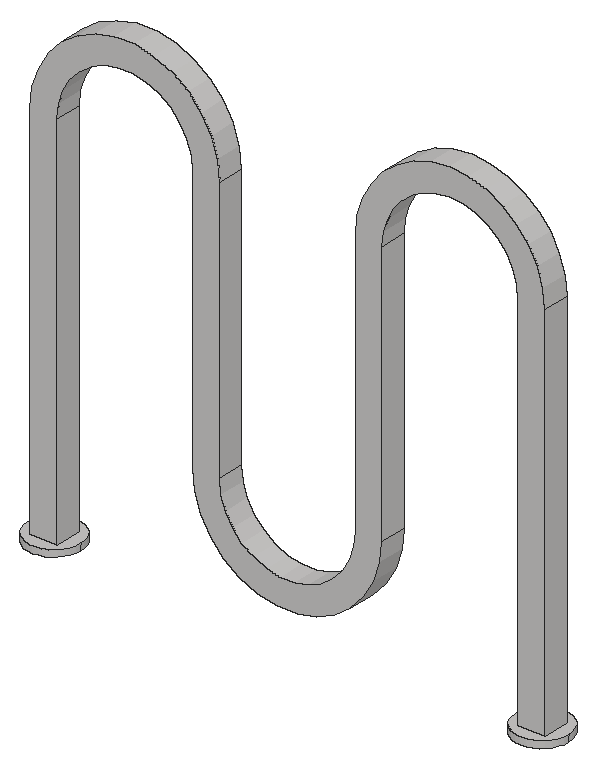
Revit family "Bicycle-Racks_BR-Square_Huntco_BRS5", category Site, host Face, Revit 2026
Family settings
  Host = Face
  Round Connector Dimension = Use Diameter
  Part Type = Normal
  Cut with Voids When Loaded = No
  Shared = No
Parameters
  holediameter = if(Flange Mounted, 0' 0 1/2", if(Freestanding, 0' 0 1/32", 0' 6"))  # 0' - 0 1/2"
  holedepth = if(Flange Mounted, 0' 4", if(Freestanding, 0' 0 1/32", 1' 0"))  # 0' - 4"
  flangevisible = not(Embedded Mounted)  # yes
  flangeheight = if(Exposed Flange, 0' 0 1/2", 0' 1 1/4")  # 0' - 0 1/2"
  extralength = if(or(Freestanding, Flange Mounted), 0' 0", 0' 11")  # 0' - 0"
  Warranty Duration (Years) = 0
  Unit Width = 3' - 2 97/256"
  Unit Weight = 0
  Unit Height = 3' - 0"
  URL = "http://www.huntco.com/"
  Test Data = ""
  Specification = "http://www.arcat.com/sdspecs/htm/02871hco.htm"
  SpecWizard = ""
  Send Message = "http://www.arcat.com/users.pl?action=UserEmail&company=Huntco+Supply+LLC&coid=39482&rep=133&fax=503-274-2055&mf="
  Sales Information = ""
  Revision = "R1_11_2012"
  Product Properties = ""
  Product Data = "http://www.arcat.com/arcatcos/cos39/arc39482.html"
  Pipe Diameter = 0' - 2"
  Model = "As Specified"
  Material Finish = Metal - Steel - Huntco - Stainless
  Manufacturer Website = "http://www.huntco.com/"
  Manufacturer Phone - Toll Free = "800-547-5909"
  Manufacturer Phone = "503-224-8700"
  Manufacturer Fax = "503-274-2055"
  Manufacturer Address = "Huntco Supply LLC P. O. Box 10385 Portland, OR 97296"
  Manufacturer = "Huntco Supply LLC"
  Maintenance Schedule (Months) = 0
  Keynote = "02871"
  Installation-Fabrication = ""
  Installation Phase = ""
  Green Building-LEED = "http://www.arcat.com/green/clients/leed_data_39482.html"
  Freestanding = no
  Embedded Mounted = not(or(Flange Mounted, Freestanding))  # no
  Flange Mounted = yes
  Exposed Flange = yes
  Expected Lifespan (Years) = 0
  Drawn By = "Sumex Design, Inc. / Robert S. Weygant, CSI, CDT, SCIP"
  Description = "Huntco Product as Specified"
  Default Elevation = 4' - 0"
  Covered Flange = not(Exposed Flange)  # no
  Copyright = "©Arcat Inc."
  Construction Details = "http://www.arcat.com/details/huntcosu/huntcosu.html?coid=39482"
  Capacity = "Bike Capacity as Specified"
  Building Codes = ""
  Assembly Code = "G2040500"
Reference planes (in)
  plane 1 "Center (Front/Back)": y = 0
  plane 2: z = 0
  plane 3 "Center (Left/Right)": x = 0
  plane 4: y = 1
  plane 5: y = -1
  plane 6: x = -19.18945
  plane 7: x = 19.18945
  plane 8: z = 36
  plane 9: x = -18.18945
  plane 10: x = 18.18945
  plane 11: z = 0.5
  plane 12: z = 0
  plane 13: z = -4
Forms (in)
  Extrusion 1, solid, material "Metal - Steel - Huntco - Stainless" <- "Material Finish", visible <- "flangevisible"
    sketch origin (0, 0, 0) x (1, 0, 0) y (0, 1, 0)
      loop
        circle (-18.18945, 0) r 2
      loop
        circle (18.18945, 0) r 2
    from 0 to 0.5
  Sweep 2, solid, material "Metal - Steel - Huntco - Stainless" <- "Material Finish"
    path origin (0, 0, 0) x (1, 0, 0) y (0, 0, 1)
      loop
        line (-18.18945, 0) -> (-18.18945, 28.93685)
        arc (-18.18945, 28.93685) -> (-12.1263, 35) -> (-6.06315, 28.93685) r 6.06315
        line (-6.06315, 28.93685) -> (-6.06315, 9.19336)
        arc (-6.06315, 9.19336) -> (0, 3.13021) -> (6.06315, 9.19336) r 6.06315
        line (6.06315, 9.19336) -> (6.06315, 28.93685)
        arc (6.06315, 28.93685) -> (12.1263, 35) -> (18.18945, 28.93685) r 6.06315
        line (18.18945, 28.93685) -> (18.18945, 0)
    profile origin (-18.18945, 0, 14.46842) x (-1, 0, 0) y (0, -1, 0)
      loop
        line (1, -1) -> (1, 1) -> (-1, 1) -> (-1, -1) -> (1, -1)
  Extrusion 3, void
    sketch origin (0, 0, 0) x (1, 0, 0) y (0, 1, 0)
      loop
        circle (-18.18945, 0) r 0.25
      loop
        circle (18.18945, 0) r 0.25
    from -4 to 1.25279
Dimensions and locks (in)
  "Unit Height": plane 8 to level
  equal spacing: plane 4, plane 1 "Center (Front/Back)", plane 5
  "Pipe Diameter": plane 4 to plane 5
  equal spacing: plane 7, plane 3 "Center (Left/Right)", plane 6
  "Unit Width": plane 7 to plane 6
  locked: plane 9 to plane 6 at 1
  locked: plane 7 to plane 10 at 1
  equal spacing: plane 10, Sweep 2 sketch curve, Sweep 2 sketch curve, plane 9
  locked: plane 6 to Extrusion 1 sketch curve at 1
  locked: Extrusion 1 sketch curve to plane 7 at 1
  locked: plane 8 to Sweep 2 sketch curve at 1  (x2)
  "flangeheight": plane 11 to host face
  "extralength": host face to plane 12
  "holedepth": host face to plane 13
  locked: Sweep 2 sketch curve to host face at 9.19336
  locked: plane 6 to Extrusion 3 sketch curve at 1
  locked: Extrusion 3 sketch curve to plane 7 at 1
  "holediameter": Extrusion 3 sketch curve to Extrusion 3 sketch curve  (x2)
  aligned and locked: plane 2 to host face
  aligned and locked: level to host face
  aligned and locked: plane 9 to Sweep 2 sketch curve
  aligned and locked: Sweep 2 sketch curve to plane 10
  aligned and locked: plane 12 to Sweep 2 sketch curve  (x2)
  aligned and locked: Extrusion 3 to plane 13
  aligned and locked: plane 11 to Extrusion 1
Automatic sketch dimensions
  host sketch curve to host sketch curve = 8' - 0"  (x2)
  Extrusion 1 sketch curve to plane 1 "Center (Front/Back)" = 0' - 0"  (x2)
  profile plane to Sweep 2 sketch curve = 0' - 1"
  Sweep 2 sketch curve to Sweep 2 sketch curve = 0' - 2"  (x2)
  Sweep 2 sketch curve to plane 1 "Center (Front/Back)" = 0' - 1"
  Extrusion 3 sketch curve to plane 1 "Center (Front/Back)" = 0' - 0"  (x2)
  radius of Extrusion 1 sketch curve = 0' - 2"  (x2)
